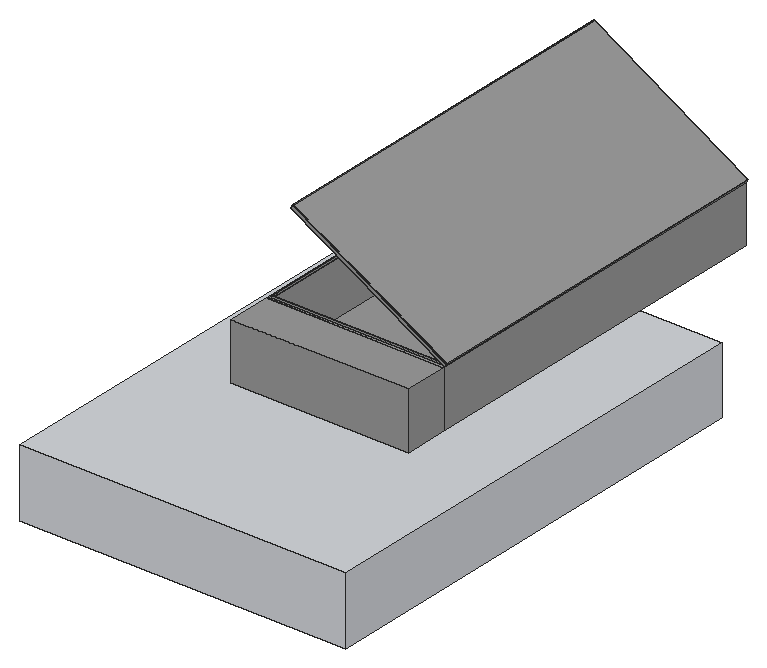
Revit family "Hager-Univers-IP55-D275-H1900-Cl.I-Steel_encl-PL-en", category Equipement électrique, Revit 2020
Family settings
  Hôte = Face
  Configuration du panneau = Deux colonnes, circuits au sein
  Cote de connecteur circulaire = Utiliser le diamètre
  Type d'élément = Tableau de raccordement
  Couper avec des vides une fois chargée = Non
  Partagée = Non
  Point de calcul de pièce = Non
Parameters (values of type "Floor installation IP55 W800 H1900 D275  - FR13E2")
  Width Control [instance] = if([EF000008 - Width] > Min Width, [EF000008 - Width], Min Width)  # 800 mm
  Commentaires du type = [HG000003 - Range]  # "Univers"
  Thickness Door [instance] = if([EF009171 - Material plate thickness door/cover] > 3 mm, 3 mm, [EF009171 - Material plate thickness door/cover])  # 1.5 mm
  Seal Frame Offset [instance] = 17 mm  # constant formula
  Plinth Visibility [instance] = [HG000027 - Plinth height] > 0 mm  # yes
  Model = ""
  Min Width [instance] = 100 mm  # constant formula
  Min Height [instance] = 100 mm  # constant formula
  Min Depth [instance] = (2 * [EF009170 - Material plate thickness cabinet]) + 1 mm  # 4 mm
  Internal Frame Depth [instance] = (Door System Depth * 0.5)  # 9 mm
  Height Control [instance] = if([EF000040 - Height] > Min Height, [EF000040 - Height], Min Height)  # 1900 mm
  HG000027 - Plinth height = 200 mm
  HG000026 - Floor standing = yes
  HG000024 - Bottom section height = 800 mm
  HG000023 - Double section enclosure = no
  HG000016 - Door 3d visibility [instance] = yes
  HG000015 - Clearance visibility [instance] = no
  HG000014 - Door on the right [instance] = yes
  HG000013 - Door on the left [instance] = not([HG000014 - Door on the right])  # no
  HG000012 - Door swing angle [instance] = 30.00°
  HG000010 - Asymmetric doors = no
  HG000009 - Double swing door = no
  HG000006 - Flush mounted = no
  HG000004 - Manufacturer reference = "FR13E2"
  HG000003 - Range = "Univers"
  HG000002 - With door or cover = yes
  Frame Offset Bottom [instance] = 10 mm  # constant formula
  Frame Offset [instance] = 15 mm  # constant formula
  EF015940 - Cover with overpressure release = no
  EF011959 - Degree of protection (NEMA) = ""
  EF009554 - Number of openings for flange plates = 6
  EF009212 - Cover model = "EV000116 - Closed"
  EF009171 - Material plate thickness door/cover = 1.5 mm
  EF009170 - Material plate thickness cabinet = 1.5 mm
  Fabricant = "Hager"  # constant formula
  EF008873 - Nominal current (In) = 800 A
  EF007800 - Suitable for lightning protection = no
  EF006306 - With lock = no
  EF006244 - Transparent cover/door = no
  EF005474 - Degree of protection (IP) = "EV006420 - IP55"
  EF004464 - Type of door = "EV002646 - Single"
  EF004427 - Number of modules = 396
  EF004293 - Impact strength = "EV008784 - IK10"
  EF003532 - Suitable for outdoor use = no
  EF002950 - Width in number of modular spacings = 24
  EF001613 - Circuit integrity = "EV000494 - None"
  EF001596 - Material housing = "EV000179 - Steel"
  EF001131 - Internal depth = 275 mm
  EF001088 - Extension possible = yes
  EF000437 - Number of conduit inlets = 6
  EF000339 - Type of cover = "EV004216 - Door"
  EF000266 - Number of rows = 11
  EF000218 - Built-in depth = 0 mm
  EF000118 - With mounting plate = no
  EF000116 - RAL-number = "7035"
  EF000049 - Depth = 275 mm
  EF000040 - Height = 1900 mm
  EF000008 - Width = 800 mm
  EF000007 - Colour = "EV000270 - Grey"
  EF000003 - Mounting method = "EV012274 - Floor installation"
  Door System Leaf Tolerance [instance] = 1.5 mm  # constant formula
  Door System Depth [instance] = 18 mm  # constant formula
  Door Height [instance] = Height Control - [HG000027 - Plinth height]  # 1700 mm
  Depth Control [instance] = if([EF000049 - Depth] > Min Depth, [EF000049 - Depth], Min Depth)  # 275 mm
  Default Elevation = 0 mm
  Connector Offset [instance] = Height Control / 2  # 950 mm
  Bottom Top Plate Trim [instance] = 1.5 mm  # constant formula
  Plinth height Ctrl [instance] = if([HG000027 - Plinth height] > 0 mm, [HG000027 - Plinth height], 12 mm)  # 200 mm
Types (5, lengths in mm): name | Width Control | HG000010 - Asymmetric doors | HG000009 - Double swing door | HG000004 - Manufacturer reference | EF009554 - Number of openings for flange plates | EF004464 - Type of door | EF004427 - Number of modules | EF000437 - Number of conduit inlets | EF000008 - Width
  Floor installation IP55 W1050 H1900 D275  - FR14E2 | 1050 | yes | yes | "FR14E2" | 8 | "EV003602 - Double" | 528 | 8 | 1050
  Floor installation IP55 W1300 H1900 D275  - FR15E2 | 1300 | yes | yes | "FR15E2" | 10 | "EV003602 - Double" | 660 | 10 | 1300
  Floor installation IP55 W300 H1900 D275  - FR11E2 | 300 | no | no | "FR11E2" | 2 | "EV002646 - Single" | 132 | 2 | 300
  Floor installation IP55 W550 H1900 D275  - FR12E2 | 550 | no | no | "FR12E2" | 4 | "EV002646 - Single" | 264 | 4 | 550
  Floor installation IP55 W800 H1900 D275  - FR13E2 | 800 | no | no | "FR13E2" | 6 | "EV002646 - Single" | 396 | 6 | 800
Reference planes
  plane 1 "Center (Front/Back)": y = 0
  plane 2: z = 0
  plane 3 "Center (Left/Right)": x = 0
  plane 4: z = 275
  plane 5: y = 201.5
  plane 6: y = 1050
  plane 7: y = 200
  plane 8: y = 1900
  plane 9: z = 0
  plane 10: x = -385
  plane 11: x = 385
  plane 12: x = 383.5
  plane 13: x = -383.5
  plane 14: y = 1898.5
  plane 15: x = -383
  plane 16: x = -400
  plane 17: x = 383
  plane 18: x = 400
  plane 19: x = 398.5
  plane 20: x = -398.5
  plane 21: y = 211.5
  plane 22: y = 1900
  plane 23: y = 1883.5
  plane 24: z = 257
  plane 25: z = 1.5
  plane 26: z = 255.5
  plane 27: z = 273.5
Forms (mm)
  Extrusion 1, solid
    sketch origin (0, 0, 0) x (1, 0, 0) y (0, 1, 0)
      loop
        line (-702.964, 1305) -> (-702.964, -811.445) -> (766.763, -811.445) -> (766.763, 1305) -> (-702.964, 1305)
    from 0 to -304.8
  Extrusion 2, solid, material "Hager_Steel_RAL7035_Light_Grey", visible <- "Plinth Visibility", detail levels medium+fine
    sketch origin (0, 0, 0) x (1, 0, 0) y (0, 1, 0)
      loop
        line (-400, 0) -> (400, 0) -> (400, 200) -> (-400, 200) -> (-400, 0)
    from 0 to 257
  Extrusion 3, solid, material "Hager_Steel_RAL7035_Light_Grey", detail levels medium+fine
    sketch origin (0, 0, 0) x (1, 0, 0) y (0, 1, 0)
      loop
        line (-400, 200) -> (400, 200) -> (400, 1900) -> (-400, 1900) -> (-400, 200)
    from 0 to 257
  Extrusion 4, void
    sketch origin (0, 0, 0) x (1, 0, 0) y (0, 1, 0)
      loop
        line (-398.5, 201.5) -> (398.5, 201.5) -> (398.5, 1898.5) -> (-398.5, 1898.5) -> (-398.5, 201.5)
    from 1.5 to 255.5
  Extrusion 5, void
    sketch origin (-381.607, -4572, 257) x (0, -1, 0) y (-1, 0, 0)
      loop
        line (-4783.5, 1.893) -> (-6455.5, 1.893) -> (-6455.5, -765.107) -> (-4783.5, -765.107) -> (-4783.5, 1.893)
    from 0 to 1.5 <- "EF009170 - Material plate thickness cabinet"
  Extrusion 6, solid, material "Hager_Steel_RAL7035_Light_Grey", detail levels fine
    sketch origin (0, 0, 257) x (1, 0, 0) y (0, 1, 0)
      loop
        line (-383.5, 1883.5) -> (-383.5, 211.5) -> (383.5, 211.5) -> (383.5, 1883.5) -> (-383.5, 1883.5)
      loop
        line (-385, 210) -> (385, 210) -> (385, 1885) -> (-385, 1885) -> (-385, 210)
    from 0 to 9 <- "Internal Frame Depth"
  Extrusion 7, solid, material "Hager_Steel_RAL7035_Light_Grey", detail levels coarse
    sketch origin (0, 0, 0) x (1, 0, 0) y (0, 1, 0)
      loop
        line (-400, 0) -> (400, 0) -> (400, 1900) -> (-400, 1900) -> (-400, 0)
    from 0 to 275
  Sweep 8, void
    path in 3D
      loop
        line (-400, 200, 0) -> (400, 200, 0) -> (400, 200, 257) -> (-400, 200, 257) -> (-400, 200, 0)
    profile origin (-400, 200, 128.5) x (-1, 0, 0) y (0, -1, 0)
      loop
        line (0, 0) -> (0, 1.5) -> (-1.5, 1.5)
        arc (-1.5, 1.5) -> (-1.061, 0.439) -> (0, 0) r 1.5
Cuts and joins
  Extrusion 4, Extrusion 5 cuts Extrusion 3
  Sweep 8 cuts Extrusion 2
Lines and regions (mm)
  Masking region 1
    outline origin (0, 0, 0) x (1, 0, 0) y (0, 0, 1)
      loop
        line (-400, 275) -> (-400, 0) -> (400, 0) -> (400, 275) -> (-400, 275)
  Masking region 2, detail levels medium+fine
    outline origin (0, 140, 0) x (0, 1, 0) y (0, 0, 1)
      loop
        line (60, 0) -> (1760, 0) -> (1760, 257) -> (60, 257) -> (60, 0)
  Masking region 3, not visible, detail levels medium+fine
    outline origin (0, 297.922, 0) x (0, 1, 0) y (0, 0, 1)
      loop
        line (763.578, 0) -> (803.578, 0) -> (803.578, 263.5)
        arc (803.578, 263.5) -> (800.649, 270.571) -> (793.578, 273.5) r 10
        line (793.578, 273.5) -> (763.578, 273.5) -> (763.578, 0)
  Masking region 4, detail levels coarse
    outline origin (0, 0, 180) x (0, 1, 0) y (0, 0, 1)
      loop
        line (0, -180) -> (1900, -180) -> (1900, 95) -> (0, 95) -> (0, -180)
  Masking region 5, visible <- "Plinth Visibility", detail levels medium+fine
    outline origin (0, 52.24, 12.345) x (0, 0, -1) y (0, 1, 0)
      loop
        line (10.845, 147.76) -> (-243.155, 147.76)
        arc (-243.155, 147.76) -> (-243.594, 146.699) -> (-244.655, 146.26) r 1.5
        line (-244.655, 146.26) -> (-244.655, -52.24) -> (12.345, -52.24) -> (12.345, 146.26)
        arc (12.345, 146.26) -> (11.285, 146.699) -> (10.845, 147.76) r 1.5
  Masking region 6, detail levels medium+fine
    outline origin (-381.607, -4572, 257) x (-1, 0, 0) y (0, -1, 0)
      loop
        line (18.393, -6472) -> (18.393, -4772) -> (-781.607, -4772) -> (-781.607, -6472) -> (18.393, -6472)
  Masking region 7, visible <- "Plinth Visibility", detail levels medium+fine
    outline origin (-381.607, -4727, 257) x (-1, 0, 0) y (0, -1, 0)
      loop
        arc (16.893, -4927) -> (17.332, -4925.939) -> (18.393, -4925.5) r 1.5
        line (18.393, -4925.5) -> (18.393, -4727) -> (-781.607, -4727) -> (-781.607, -4925.5)
        arc (-781.607, -4925.5) -> (-780.546, -4925.939) -> (-780.107, -4927) r 1.5
        line (-780.107, -4927) -> (16.893, -4927)
  Masking region 8, detail levels coarse
    outline origin (-442.548, -4669.526, 257) x (-1, 0, 0) y (0, -1, 0)
      loop
        line (-42.548, -6569.526) -> (-42.548, -4669.526) -> (-842.548, -4669.526) -> (-842.548, -6569.526) -> (-42.548, -6569.526)
  sketch lines
    curve 1: line (-400, 200, 257) -> (-400, 200, 0)
    curve 2: line (400, 200, 257) -> (-400, 200, 257)
    curve 3: line (400, 200, 257) -> (400, 200, 0)
    curve 4: line (-400, 200, 0) -> (400, 200, 0)
Dimensions and locks
  "Depth Control": plane 4 to Extrusion 1
  "HG000027 - Plinth height": plane 1 "Center (Front/Back)" to plane 7
  "EF009170 - Material plate thickness cabinet": plane 5 to plane 7
  locked: connector elem to plane 3 "Center (Left/Right)"
  equal spacing: plane 8, plane 6, plane 7
  locked: connector elem to plane 6
  "EF009170 - Material plate thickness cabinet": plane 8 to plane 14
  "EF009170 - Material plate thickness cabinet": plane 10 to plane 13
  "EF009170 - Material plate thickness cabinet": plane 12 to plane 11
  "Frame Offset": plane 20 to plane 13
  "Frame Offset": plane 12 to plane 19
  "EF009170 - Material plate thickness cabinet": plane 16 to plane 20
  "EF009170 - Material plate thickness cabinet": plane 19 to plane 18
  "Seal Frame Offset": plane 16 to plane 15
  "Seal Frame Offset": plane 17 to plane 18
  "Frame Offset Bottom": plane 21 to plane 5
  "Frame Offset": plane 14 to plane 23
  equal spacing: plane 16, plane 3 "Center (Left/Right)", plane 18
  "Width Control": plane 16 to plane 18
  "EF009170 - Material plate thickness cabinet": plane 4 to plane 27
  "EF009170 - Material plate thickness cabinet": plane 24 to plane 26
  "EF009170 - Material plate thickness cabinet": plane 25 to level
  "Door System Depth": plane 4 to plane 24
  "Height Control": plane 1 "Center (Front/Back)" to Extrusion 7 sketch curve
  "Height Control": Masking region 4 sketch curve to plane 1 "Center (Front/Back)"
  "Height Control": plane 1 "Center (Front/Back)" to plane 22
  "Bottom Top Plate Trim": profile plane to Sweep 8 sketch curve
  "Bottom Top Plate Trim": Sweep 8 sketch curve to profile plane
  "Plinth height Ctrl": plane 1 "Center (Front/Back)" to Extrusion 2 sketch curve
  "Plinth height Ctrl": Masking region 5 sketch curve to plane 1 "Center (Front/Back)"
  "Plinth height Ctrl": plane 1 "Center (Front/Back)" to Masking region 7 sketch curve
  "Thickness Door": Extrusion 6 sketch curve to Extrusion 6 sketch curve  (x3)
  "Thickness Door": cut or joined group of Extrusion 3, Extrusion 4, Extrusion 5 to Extrusion 6 sketch curve
  radius of Masking region 3 sketch curve = 10 mm
  "Bottom Top Plate Trim": radius of Masking region 5 sketch curve  (x2)
  "Bottom Top Plate Trim": radius of Sweep 8 sketch curve
  "Bottom Top Plate Trim": radius of Masking region 7 sketch curve  (x2)
  aligned and locked: plane 2 to Extrusion 1
  aligned and locked: level to Extrusion 1
  aligned and locked: level to Masking region 1 sketch curve
  aligned and locked: Masking region 1 sketch curve to plane 18
  aligned and locked: Masking region 1 sketch curve to plane 16
  aligned and locked: plane 7 to Masking region 2 sketch curve
  aligned and locked: level to Masking region 3 sketch curve
  aligned and locked: Masking region 3 sketch curve to plane 27
  aligned and locked: level to Masking region 2 sketch curve
  aligned and locked: plane 1 "Center (Front/Back)" to Extrusion 2 sketch curve
  aligned and locked: Extrusion 3 sketch curve to plane 7
  aligned and locked: plane 16 to Extrusion 3 sketch curve
  aligned and locked: plane 18 to Extrusion 3 sketch curve
  aligned and locked: plane 20 to Extrusion 4 sketch curve
  aligned and locked: plane 19 to Extrusion 4 sketch curve
  aligned and locked: Extrusion 4 sketch curve to plane 5
  aligned and locked: Extrusion 4 to plane 25
  aligned and locked: plane 26 to Extrusion 4
  aligned and locked: plane 24 to Extrusion 3
  aligned and locked: Extrusion 5 sketch curve to plane 21
  aligned and locked: Extrusion 5 sketch curve to plane 13
  aligned and locked: Extrusion 5 sketch curve to plane 12
  aligned and locked: plane 18 to Extrusion 7 sketch curve
  aligned and locked: plane 1 "Center (Front/Back)" to Extrusion 7 sketch curve
  aligned and locked: plane 16 to Extrusion 7 sketch curve
  aligned and locked: plane 4 to Extrusion 7
  aligned and locked: Extrusion 7 to level
  aligned and locked: level to Masking region 4 sketch curve
  aligned and locked: Masking region 4 sketch curve to plane 1 "Center (Front/Back)"
  aligned and locked: Masking region 4 sketch curve to plane 4
  aligned and locked: nested 1 to level
  aligned and locked: nested 1 to plane 16
  aligned and locked: plane 8 to Extrusion 3 sketch curve
  aligned and locked: plane 23 to Extrusion 5 sketch curve
  aligned and locked: plane 14 to Extrusion 4 sketch curve
  aligned and locked: Masking region 2 sketch curve to plane 8
  aligned and locked: level to Masking region 5 sketch curve
  aligned and locked: plane 16 to Extrusion 2 sketch curve
  aligned and locked: plane 18 to Extrusion 2 sketch curve
  aligned and locked: Masking region 5 sketch curve to plane 24
  aligned and locked: Masking region 2 sketch curve to plane 24
  aligned and locked: plane 24 to Extrusion 2
  aligned and locked: profile plane to Sweep 8 sketch curve  (x2)
  aligned and locked: Masking region 6 sketch curve to plane 18
  aligned and locked: Masking region 6 sketch curve to plane 22
  aligned and locked: Masking region 6 sketch curve to plane 16
  aligned and locked: plane 8 to plane 22
  aligned and locked: Masking region 6 sketch curve to plane 7
  aligned and locked: Masking region 7 sketch curve to plane 16
  aligned and locked: Masking region 7 sketch curve to plane 1 "Center (Front/Back)"
  aligned and locked: Masking region 7 sketch curve to plane 18
  aligned and locked: Masking region 8 sketch curve to plane 1 "Center (Front/Back)"
  aligned and locked: Masking region 8 sketch curve to plane 18
  aligned and locked: Masking region 8 sketch curve to plane 22
  aligned and locked: Masking region 8 sketch curve to plane 16
  aligned and locked: nested 2 to plane 7
  aligned and locked: plane 3 "Center (Left/Right)" to nested 2
  aligned and locked: nested 2 to plane 24
  aligned and locked: Extrusion 6 sketch curve to cut or joined group of Extrusion 3, Extrusion 4, Extrusion 5  (x4)
Automatic sketch dimensions
  Extrusion 1 sketch curve to Extrusion 1 sketch curve = 1469.727 mm
  Extrusion 1 sketch curve to Extrusion 1 sketch curve = 2116.445 mm
  Masking region 1 sketch curve to plane 4 = 0 mm
  plane 6 to Masking region 3 sketch curve = 11.5 mm
  Masking region 3 sketch curve to Masking region 3 sketch curve = 30 mm
  Masking region 5 sketch curve to plane 1 "Center (Front/Back)" = 0 mm
Nested families
  nested 1: "Hager_Enclosure_Symbol" at (-400, 0, 0) x (1, 0, 0) z (0, -1, 0), Height <- "Depth Control", Width <- "Width Control", type "Hager_Enclosure_Symbol"
    with Width_Ctrl 800 mm, Width 800 mm, Height_Ctrl 275 mm, Height 275 mm, A_Width_Int 18.047 mm, A_Width 216.562 mm, A_Height_Ctrl 240.625 mm, A_Height 240.625 mm
  nested 2: "EC000058_Univers_Door" at (0, 200, 257) x (1, 0, 0) z (0, 1, 0), Leaf_Tolerance <- "Door System Leaf Tolerance", Angle <- "HG000012 - Door swing angle", Door_Depth <- "Door System Depth", Door_Left <- "HG000013 - Door on the left", Transparent <- "EF006244 - Transparent cover/door", Assymetrical <- "HG000010 - Asymmetric doors", Width <- "Width Control", Clearance <- "HG000015 - Clearance visibility", Double <- "HG000009 - Double swing door", 3d_Door <- "HG000016 - Door 3d visibility", Lock_Visibility <- "EF006306 - With lock", Width_Ctrl <- "Width Control", Door_Right <- "HG000014 - Door on the right", Door <- "HG000002 - With door or cover", Height <- "Door Height", Thickness <- "Thickness Door", type "EC000058_Univers_Door", detail levels medium+fine
    with min_wh 4 mm, Width_Ctrl 800 mm, Width 800 mm, Transparent no, Thickness 1.5 mm, Seal_Material Hager_Rubber, Lock_Visibility no, Lock_Material Hager_Plastic_RAL9005_Jet_Black, Leaf_Width 800 mm, Leaf_Tolerance_External_Sides 0 mm, Leaf_Tolerance 1.5 mm, Leaf_Offset 0 mm, Leaf_Height 1697 mm, Leaf_2_Width 800 mm, Leaf_2_Offset 400 mm, Leaf_1_Width 800 mm, Leaf_1_Offset 400 mm, Height_Ctrl 1700 mm, Height 1700 mm, Glass_Material Hager_Glass, Double_Clearance_Ctrl no, Double no, Door_Right_Ctrl yes, Door_Right yes, Door_Material Hager_Steel_RAL7035_Light_Grey, Door_Left_Ctrl no, Door_Left no, Door_Depth 18 mm, Door yes, Clearance_Material Hager_Clearance, Clearance_Depth 800 mm, Clearance_Ctrl no, Clearance no, Assymetrical no, Angle 30.00°, 3d_Door yes
Connectors
  electrical at (0, 1050, 0)
    settings: on plane 9, index 1, voltage 0 V, apparent load 0 VA, apparent load phase1 0 VA, apparent load phase2 0 VA, apparent load phase3 0 VA, power factor 1, load classification "Other", number of poles 1, system type 30, power factor state 1, is connector primary yes, connector utility no, sub classification motor no, connector description ""
Definition of nested family "EC000058_Univers_Door"
  Parameters (values of type "EC000058_Univers_Door")
    min_wh [instance] = (2 * Thickness) + 1 mm  # 11 mm
    Width_Ctrl [instance] = 400 mm
    Width [instance] = 500 mm
    Transparent [instance] = yes
    Thickness [instance] = 5 mm
    Seal_Material [instance] = none
    Lock_Visibility [instance] = yes
    Lock_Material [instance] = none
    Leaf_Width [instance] = if((Width_Ctrl - 2 * Leaf_Tolerance_External_Sides) > 0 mm, (Width_Ctrl - 2 * Leaf_Tolerance_External_Sides), min_wh)  # 400 mm
    Leaf_Tolerance_External_Sides [instance] = 0 mm  # constant formula
    Leaf_Tolerance [instance] = 1.5 mm
    Leaf_Offset [instance] = 0 mm  # constant formula
    Leaf_Height [instance] = if((Height_Ctrl - 2 * Leaf_Tolerance) > 0 mm, (Height_Ctrl - 2 * Leaf_Tolerance), min_wh)  # 497 mm
    Leaf_2_Width [instance] = if(and(and(Double, Assymetrical), Door_Left), (Leaf_Width / 3) - (Leaf_Tolerance / 2), if(and(and(Double, Assymetrical), Door_Right), (Leaf_Width / 3) * 2 - (Leaf_Tolerance / 2), if(and(Double, not(Assymetrical)), (Leaf_Width / 2) - Leaf_Tolerance, Leaf_Width)))  # 400 mm
    Leaf_2_Offset [instance] = if(and(Double, Assymetrical), Leaf_2_Width / 2, if(and(Double, not(Assymetrical)), Leaf_Width / 4, Leaf_Width / 2))  # 200 mm
    Leaf_1_Width [instance] = if(and(and(Double, Assymetrical), Door_Right), (Leaf_Width / 3) - (Leaf_Tolerance / 2), if(and(and(Double, Assymetrical), Door_Left), (Width / 3) * 2 - (Leaf_Tolerance / 2), if(and(Double, not(Assymetrical)), (Leaf_Width / 2) - Leaf_Tolerance, Leaf_Width)))  # 400 mm
    Leaf_1_Offset [instance] = if(and(Double, Assymetrical), Leaf_1_Width / 2, if(and(Double, not(Assymetrical)), Leaf_Width / 4, Leaf_Width / 2))  # 200 mm
    Height_Ctrl [instance] = if(Height > min_wh, Height, min_wh)  # 500 mm
    Height [instance] = 500 mm
    Glass_Material [instance] = none
    Double_Clearance_Ctrl [instance] = and(Double, Clearance)  # no
    Double [instance] = no
    Door_Right_Ctrl [instance] = and(or(Door_Right, Double), Door)  # yes
    Door_Right [instance] = yes
    Door_Material [instance] = none
    Door_Left_Ctrl [instance] = and(or(Door_Left, Double), Door)  # no
    Door_Left [instance] = no
    Door_Depth [instance] = 30 mm
    Door [instance] = yes
    Default Elevation = 1219.2 mm
    Clearance_Material [instance] = none
    Clearance_Depth [instance] = if(Leaf_1_Width > Leaf_2_Width, Leaf_1_Width, Leaf_2_Width)  # 400 mm
    Clearance_Ctrl [instance] = and(not(Double), Clearance)  # yes
    Clearance [instance] = yes
    Assymetrical [instance] = yes
    Angle [instance] = 30.00°
    3d_Door [instance] = yes
  Reference planes
    plane 1 "Center (Front/Back)": y = 0
    plane 2 "Bottom": z = 0
    plane 3 "Center (Left/Right)": x = 0
    plane 4: z = 500
    plane 5: x = -200
    plane 6: x = 200
    plane 7: z = 500
    plane 8: x = -200
    plane 9: z = 0
    plane 10: x = 200
    plane 11: y = 0
    plane 12: z = 1.5
    plane 13: x = -600
    plane 14: y = -400
    plane 15: x = 600
    plane 16: x = 0
    plane 17: x = 0
    plane 18: x = -200
    plane 19: x = 200
    plane 20: z = 498.5
  Forms (mm)
    Extrusion 1, solid, material <- "Clearance_Material", visible <- "Double_Clearance_Ctrl"
      sketch origin (1200, 0, 0) x (1, 0, 0) y (0, 0, -1)
        loop
          line (-1800, -498.5) -> (-600, -498.5) -> (-600, 0) -> (-1800, 0) -> (-1800, -498.5)
      from 0 to -400
  Dimensions and locks
    equal spacing: plane 5, plane 3 "Center (Left/Right)", plane 6
    "Width_Ctrl": plane 5 to plane 6
    "Leaf_Offset": plane 5 to plane 8
    "Leaf_Offset": plane 6 to plane 10
    "Leaf_Offset": plane 9 to level
    "Leaf_Offset": plane 4 to plane 7
    "Height_Ctrl": plane 4 to level
    "Leaf_Tolerance": plane 12 to plane 9
    locked: plane 11 to plane 1 "Center (Front/Back)"
    "Leaf_1_Offset": plane 18 to plane 16
    "Leaf_2_Offset": plane 17 to plane 19
    "Leaf_1_Width": plane 13 to plane 8
    "Leaf_2_Width": plane 10 to plane 15
    "Clearance_Depth": plane 14 to plane 1 "Center (Front/Back)"
    "Leaf_Tolerance_External_Sides": plane 8 to plane 18
    "Leaf_Tolerance_External_Sides": plane 19 to plane 10
    "Leaf_Tolerance": plane 7 to plane 20
    aligned and locked: level to plane 2 "Bottom"
    aligned and locked: nested 1 to plane 16
    aligned and locked: nested 2 to plane 17
    aligned and locked: Extrusion 1 to plane 13
    aligned and locked: plane 15 to Extrusion 1
    aligned and locked: Extrusion 1 to plane 14
    aligned and locked: plane 12 to nested 1
    aligned and locked: nested 2 to plane 12
    aligned and locked: Extrusion 1 to plane 11
    aligned and locked: plane 20 to Extrusion 1
    aligned and locked: nested 2 to plane 11
    aligned and locked: nested 1 to plane 11
  Automatic sketch dimensions
    Extrusion 1 sketch curve to level = 0 mm
    plane 5 to Extrusion 1 sketch curve = 400 mm
    plane 6 to Extrusion 1 sketch curve = 400 mm
    Extrusion 1 sketch curve to plane 4 = 1.5 mm
  Nested families
    nested 1: "EC000058_Univers_Door_Leaf" at (0, 0, 1.5), Width <- "Leaf_1_Width", visible <- "Door_Left_Ctrl", Leaf_Height <- "Leaf_Height", Angle <- "Angle", 3d_Door <- "3d_Door", Transparent <- "Transparent", Clearance Material <- "Clearance_Material", Clearance <- "Clearance_Ctrl", Door_Material <- "Door_Material", Glass_Material <- "Glass_Material", Door_Depth <- "Door_Depth", Lock_Material <- "Lock_Material", Seal_Material <- "Seal_Material", Lock_Visibility <- "Lock_Visibility", Thickness <- "Thickness", type "EC000058_Univers_Door_Leaf"
      with Width 400 mm, Transparent_Glass_Offset 30 mm, Transparent_Ctrl yes, Transparent yes, Thickness 5 mm, Standard no, Seal_Material none, Seal_D2 8 mm, Seal_D1 1 mm, Offset_Internal_Frame 10 mm, Lock_Width 20 mm, Lock_Visibility_3d yes, Lock_Visibility yes, Lock_Thickness_3 3 mm, Lock_Thickness_2 1 mm, Lock_Thickness_1 3 mm, Lock_Radius_Offset_2 16 mm, Lock_Radius_Offset_1 15 mm, Lock_Radius_2 5 mm, Lock_Radius 6 mm, Lock_Offset 5 mm, Lock_Material none, Lock_Height 80 mm, Lock_Cover_Top_Offset_2d 17 mm, Lock_Cover_Height -65 mm, Leaf_Height 497 mm, Internal_Seal_Thickness 8 mm, Internal_Seal_Depth_2 4.5 mm, Internal_Frame_Depth 25 mm, Glass_Thickness -1 mm, Glass_Offset -2 mm, Glass_Material none, Door_Material none, Door_Depth 30 mm, Clearance Material none, Clearance yes, Angle_Ctrl 30.00°, Angle 30.00°, 3d_Door yes
    nested 2: "EC000058_Univers_Door_Leaf" at (0, 0, 1.5) x (-1, 0, 0) z (0, 0, 1), Width <- "Leaf_2_Width", visible <- "Door_Right_Ctrl", Leaf_Height <- "Leaf_Height", Angle <- "Angle", 3d_Door <- "3d_Door", Transparent <- "Transparent", Clearance Material <- "Clearance_Material", Clearance <- "Clearance_Ctrl", Door_Material <- "Door_Material", Glass_Material <- "Glass_Material", Door_Depth <- "Door_Depth", Lock_Material <- "Lock_Material", Seal_Material <- "Seal_Material", Lock_Visibility <- "Lock_Visibility", Thickness <- "Thickness", type "EC000058_Univers_Door_Leaf"
      with Width 400 mm, Transparent_Glass_Offset 30 mm, Transparent_Ctrl yes, Transparent yes, Thickness 5 mm, Standard no, Seal_Material none, Seal_D2 8 mm, Seal_D1 1 mm, Offset_Internal_Frame 10 mm, Lock_Width 20 mm, Lock_Visibility_3d yes, Lock_Visibility yes, Lock_Thickness_3 3 mm, Lock_Thickness_2 1 mm, Lock_Thickness_1 3 mm, Lock_Radius_Offset_2 16 mm, Lock_Radius_Offset_1 15 mm, Lock_Radius_2 5 mm, Lock_Radius 6 mm, Lock_Offset 5 mm, Lock_Material none, Lock_Height 80 mm, Lock_Cover_Top_Offset_2d 17 mm, Lock_Cover_Height -65 mm, Leaf_Height 497 mm, Internal_Seal_Thickness 8 mm, Internal_Seal_Depth_2 4.5 mm, Internal_Frame_Depth 25 mm, Glass_Thickness -1 mm, Glass_Offset -2 mm, Glass_Material none, Door_Material none, Door_Depth 30 mm, Clearance Material none, Clearance yes, Angle_Ctrl 30.00°, Angle 30.00°, 3d_Door yes
  Definition of nested family "EC000058_Univers_Door_Leaf"
    Parameters (values of type "EC000058_Univers_Door_Leaf")
      Width [instance] = 2000 mm
      Transparent_Glass_Offset [instance] = 30 mm
      Transparent_Ctrl [instance] = and(Transparent, [3d_Door])  # yes
      Transparent [instance] = yes
      Thickness [instance] = 5 mm
      Standard [instance] = and(not(Transparent), [3d_Door])  # no
      Seal_Material [instance] = none
      Seal_D2 [instance] = 8 mm  # constant formula
      Seal_D1 [instance] = 1 mm  # constant formula
      Offset_Internal_Frame [instance] = 10 mm  # constant formula
      Lock_Width [instance] = 20 mm  # constant formula
      Lock_Visibility_3d [instance] = and(Lock_Visibility, [3d_Door])  # yes
      Lock_Visibility [instance] = yes
      Lock_Thickness_3 [instance] = 3 mm  # constant formula
      Lock_Thickness_2 [instance] = 1 mm  # constant formula
      Lock_Thickness_1 [instance] = 3 mm  # constant formula
      Lock_Radius_Offset_2 [instance] = Lock_Radius_Offset_1 + 1 mm  # 16 mm
      Lock_Radius_Offset_1 [instance] = 15 mm  # constant formula
      Lock_Radius_2 [instance] = Lock_Radius - 1 mm  # 5 mm
      Lock_Radius [instance] = 6 mm  # constant formula
      Lock_Offset [instance] = 5 mm  # constant formula
      Lock_Material [instance] = none
      Lock_Height [instance] = 80 mm  # constant formula
      Lock_Cover_Top_Offset_2d [instance] = Lock_Radius_Offset_2 + 1 mm  # 17 mm
      Lock_Cover_Height [instance] = -(Lock_Height - Lock_Radius_Offset_1)  # -65 mm
      Leaf_Height [instance] = 2720.336 mm
      Internal_Seal_Thickness [instance] = 8 mm  # constant formula
      Internal_Seal_Depth_2 [instance] = 4.5 mm  # constant formula
      Internal_Frame_Depth [instance] = if(Door_Depth - Thickness > 5 mm, Door_Depth - Thickness, 5 mm)  # 25 mm
      Glass_Thickness [instance] = if(Thickness > 15 mm, Glass_Offset + 10 mm, -1 mm)  # -1 mm
      Glass_Offset [instance] = if(Thickness > 15 mm, -(Thickness + 10 mm) / 2, -2 mm)  # -2 mm
      Glass_Material [instance] = none
      Door_Material [instance] = none
      Door_Depth [instance] = 30 mm
      Default Elevation = 0 mm
      Clearance Material [instance] = none
      Clearance [instance] = yes
      Angle_Ctrl [instance] = if(Angle > 180.00°, 180.00°, Angle)  # 90.00°
      Angle [instance] = 90.00°
      3d_Door [instance] = yes
    Reference planes
      plane 1 "Center (Front/Back)": y = 0
      plane 2: z = 0
      plane 3 "Center (Left/Right)": x = 0
      plane 4: y = 2000
      plane 5: x = -1000
      plane 6: x = 1000
      plane 7: x = -3000
      plane 8: z = 2720.336
      plane 9: z = 30
      plane 10: z = 2690.336
      plane 11: x = 970
      plane 12: x = -970
      plane 13: y = -3
      plane 14: z = 107.833
      plane 15: y = -5
      plane 16: y = -223.314
      plane 17: x = -1000
      plane 18: z = 1360.168
      plane 19: y = 30
    Forms (mm)
      Extrusion 1, solid, material <- "Clearance Material", visible <- "Clearance"
        sketch origin (0, 0, 0) x (1, 0, 0) y (0, 0, 1)
          loop
            line (-3000, 2720.336) -> (-3000, 0) -> (1000, 0) -> (1000, 2720.336) -> (-3000, 2720.336)
        from 0 to -2000
      Extrusion 2, solid, material <- "Door_Material", visible <- "Standard", detail levels medium+fine
        sketch origin (-1000, 0, 0) x (0, 1, 0) y (-1, 0, 0)
          loop
            line (0, 30) -> (0, 25) -> (2000, 25) -> (2000, 30) -> (0, 30)
        from 0 to 2720.336 <- "Leaf_Height"
      Extrusion 3, solid, material <- "Door_Material", visible <- "Transparent_Ctrl", detail levels medium+fine
        sketch origin (-1000, 0, 0) x (0, 1, 0) y (-1, 0, 0)
          loop
            line (0, 25) -> (2000, 25) -> (2000, 30) -> (0, 30) -> (0, 25)
        from 0 to 2720.336 <- "Leaf_Height"
      Extrusion 4, void
        sketch origin (-1025, 2000, 0) x (0, 1, 0) y (0, 0, -1)
          loop
            line (-30, -2690.336) -> (-30, -30) -> (-1970, -30) -> (-1970, -2690.336) -> (-30, -2690.336)
        from 0 to 5 <- "Thickness"
      Sweep 5, solid, material <- "Seal_Material", visible <- "Transparent_Ctrl", detail levels fine
        path in 3D
          loop
            line (-1025, 30, 30) -> (-1025, 30, 2690.336) -> (-1025, 1970, 2690.336) -> (-1025, 1970, 30) -> (-1025, 30, 30)
        profile origin (-1025, 1000, 30) x (1, 0, 0) y (0, 0, 1)
          loop
            line (0, 0) -> (0, -8) -> (1, -8) -> (1, 0) -> (0, 0)
      Extrusion 6, solid, material <- "Glass_Material", visible <- "Transparent_Ctrl", detail levels medium+fine
        sketch origin (-1030, 0, 0) x (0, 1, 0) y (0, 0, -1)
          loop
            line (1970, -2690.336) -> (1970, -30) -> (30, -30) -> (30, -2690.336) -> (1970, -2690.336)
        from -2 <- "Glass_Offset" to -1 <- "Glass_Thickness"
      Extrusion 7, solid, material <- "Door_Material", visible <- "3d_Door", detail levels medium+fine
        sketch origin (-1025, 2000, 0) x (0, -1, 0) y (0, 0, -1)
          loop
            line (0, -2720.336) -> (2000, -2720.336) -> (2000, 0) -> (0, 0) -> (0, -2720.336)
          loop
            line (1995, -5) -> (5, -5) -> (5, -2715.336) -> (1995, -2715.336) -> (1995, -5)
        from 0 to 25 <- "Internal_Frame_Depth"
      Sweep 8, solid, material <- "Seal_Material", visible <- "Transparent_Ctrl", detail levels fine
        path in 3D
          loop
            line (-1025, 0, 0) -> (-1025, 2000, 0) -> (-1025, 2000, 2720.336) -> (-1025, 0, 2720.336) -> (-1025, 0, 0)
        profile origin (-1025, 0, 1360.168) x (1, 0, 0) y (0, 1, 0)
          loop
            line (0, 10) -> (2.975, 10)
            arc (2.975, 10) -> (4.053, 10.447) -> (4.5, 11.525) r 1.525
            line (4.5, 11.525) -> (4.5, 16.527)
            arc (4.5, 16.527) -> (4.069, 17.569) -> (3.027, 18) r 1.473
            line (3.027, 18) -> (0, 18) -> (0, 10)
      Extrusion 9, solid, material <- "Lock_Material", visible <- "Lock_Visibility_3d", detail levels fine
        sketch origin (-1030, 0, 0) x (0, 1, 0) y (0, 0, -1)
          loop
            arc (1993.5, -1400.168) -> (1994.561, -1399.729) -> (1995, -1398.668) r 1.5
            line (1995, -1398.668) -> (1995, -1320.168) -> (1975, -1320.168) -> (1975, -1398.668)
            arc (1975, -1398.668) -> (1975.439, -1399.729) -> (1976.5, -1400.168) r 1.5
            line (1976.5, -1400.168) -> (1993.5, -1400.168)
        from 3 <- "Lock_Thickness_1" to 0
      Blend 10, solid, material <- "Lock_Material", visible <- "Lock_Visibility_3d", detail levels fine
        base sketch origin (-1033, 0, 0) x (0, 1, 0) y (0, 0, -1)
          loop
            line (1975, -1320.168) -> (1975, -1398.668)
            arc (1975, -1398.668) -> (1975.439, -1399.729) -> (1976.5, -1400.168) r 1.5
            line (1976.5, -1400.168) -> (1993.5, -1400.168)
            arc (1993.5, -1400.168) -> (1994.561, -1399.729) -> (1995, -1398.668) r 1.5
            line (1995, -1398.668) -> (1995, -1320.168) -> (1975, -1320.168)
        top sketch origin (-1033, 0, 0) x (0, 1, 0) y (0, 0, -1)
          loop
            line (1976, -1320.168) -> (1976, -1398.668)
            arc (1976, -1398.668) -> (1976.146, -1399.022) -> (1976.5, -1399.168) r 0.5
            line (1976.5, -1399.168) -> (1993.5, -1399.168)
            arc (1993.5, -1399.168) -> (1993.854, -1399.022) -> (1994, -1398.668) r 0.5
            line (1994, -1398.668) -> (1994, -1320.168) -> (1976, -1320.168)
        from 0 to 1 <- "Lock_Thickness_2"
      Blend 11, solid, material <- "Lock_Material", visible <- "Lock_Visibility_3d", detail levels fine
        base sketch origin (-1034, 0, 0) x (0, 1, 0) y (0, 0, -1)
          loop
            line (1978, -1320.168) -> (1978, -1384.168)
            arc (1978, -1384.168) -> (1985, -1391.168) -> (1992, -1384.168) r 7
            line (1992, -1384.168) -> (1992, -1320.168) -> (1978, -1320.168)
        top sketch origin (-1034, 0, 0) x (0, 1, 0) y (0, 0, -1)
          loop
            line (1991, -1320.168) -> (1979, -1320.168) -> (1979, -1383.168)
            arc (1979, -1383.168) -> (1985, -1389.168) -> (1991, -1383.168) r 6
            line (1991, -1383.168) -> (1991, -1320.168)
        from 0 to 3 <- "Lock_Thickness_3"
      Extrusion 12, solid, material <- "Lock_Material", visible <- "Lock_Visibility_3d", detail levels fine
        sketch origin (-1030, 1975, 1320.168) x (1, 0, 0) y (0, -1, 0)
          loop
            line (-7, -19) -> (-7, -1) -> (0, -1) -> (0, 0) -> (-8, 0) -> (-8, -20) -> (0, -20) -> (0, -19) -> (-7, -19)
        from 0 to -65 <- "Lock_Cover_Height"
      Extrusion 13, void
        sketch origin (-1038, 1995, 1320.168) x (-1, 0, 0) y (0, 0, -1)
          loop
            line (-5, -65) -> (0, -65) -> (-5, -60) -> (-5, -65)
        from 0 to 20 <- "Lock_Width"
      Extrusion 14, void
        sketch origin (-1038, 1975, 1320.168) x (0, -1, 0) y (0, 0, -1)
          loop
            circle (-10, -15.995) r 6
          loop
            circle (-10, -15.995) r 5
        from 0 to 2
      Extrusion 15, solid, material <- "Lock_Material", visible <- "Lock_Visibility_3d", detail levels medium
        sketch origin (-1030, 0, 0) x (0, 1, 0) y (0, 0, -1)
          loop
            arc (1993.5, -1400.168) -> (1994.561, -1399.729) -> (1995, -1398.668) r 1.5
            line (1995, -1398.668) -> (1995, -1320.168) -> (1975, -1320.168) -> (1975, -1398.668)
            arc (1975, -1398.668) -> (1975.439, -1399.729) -> (1976.5, -1400.168) r 1.5
            line (1976.5, -1400.168) -> (1993.5, -1400.168)
        from 8 to 0
    Cuts and joins
      Extrusion 4 cuts Extrusion 3
      Extrusion 13, Extrusion 14 cuts Extrusion 9
      Extrusion 14 cuts Blend 11
      Extrusion 13, Extrusion 14 cuts Extrusion 12
      joined: Extrusion 9, Blend 10, Blend 11, Extrusion 12
      Extrusion 14 cuts Extrusion 15
    Lines and regions (mm)
      Masking region 1, visible <- "Lock_Visibility", detail levels fine
        outline origin (0, 0, 0) x (0, 1, 0) y (0, 0, 1)
          loop
            line (30, 1320.168) -> (33, 1320.168) -> (33, 1400.168) -> (30, 1400.168) -> (30, 1320.168)
      Masking region 2, visible <- "Lock_Visibility", detail levels fine
        outline origin (0, 3.143, 0) x (0, 1, 0) y (0, 0, 1)
          loop
            line (29.857, 1354.168) -> (30.857, 1354.168) -> (30.857, 1366.168) -> (29.857, 1366.168) -> (29.857, 1354.168)
      Masking region 3, detail levels medium+fine
        outline origin (0, 0, 0) x (0, 1, 0) y (0, 0, 1)
          loop
            line (0, 0) -> (30, 0) -> (30, 2720.336) -> (0, 2720.336) -> (0, 0)
      Masking region 4, detail levels medium+fine
        outline origin (0, 0, 0) x (1, 0, 0) y (0, 0, 1)
          loop
            line (-1000, 2720.336) -> (-1000, 0) -> (1000, 0) -> (1000, 2720.336) -> (-1000, 2720.336)
      Masking region 5, visible <- "Lock_Visibility", detail levels fine
        outline origin (-47.116, 0, 0) x (1, 0, 0) y (0, 0, 1)
          loop
            arc (1024.616, 1399.168) -> (1023.556, 1398.729) -> (1023.116, 1397.668) r 1.5
            line (1023.116, 1397.668) -> (1023.116, 1320.168) -> (1041.116, 1320.168) -> (1041.116, 1397.668)
            arc (1041.116, 1397.668) -> (1040.677, 1398.729) -> (1039.616, 1399.168) r 1.5
            line (1039.616, 1399.168) -> (1024.616, 1399.168)
      Masking region 6, visible <- "Lock_Visibility", detail levels medium+fine
        outline origin (-25, 0, 0) x (1, 0, 0) y (0, 0, 1)
          loop
            arc (1001.5, 1400.168) -> (1000.439, 1399.729) -> (1000, 1398.668) r 1.5
            line (1000, 1398.668) -> (1000, 1320.168) -> (1020, 1320.168) -> (1020, 1398.668)
            arc (1020, 1398.668) -> (1019.561, 1399.729) -> (1018.5, 1400.168) r 1.5
            line (1018.5, 1400.168) -> (1001.5, 1400.168)
      Masking region 7, visible <- "Lock_Visibility", detail levels fine
        outline origin (-73.735, 0, 0) x (1, 0, 0) y (0, 0, 1)
          loop
            line (1051.735, 1382.168) -> (1065.735, 1382.168) -> (1065.735, 1384.168)
            arc (1065.735, 1384.168) -> (1058.735, 1391.168) -> (1051.735, 1384.168) r 7
            line (1051.735, 1384.168) -> (1051.735, 1382.168)
      Masking region 8, visible <- "Lock_Visibility", detail levels fine
        outline origin (-73.735, 0, 0) x (1, 0, 0) y (0, 0, 1)
          loop
            line (1052.735, 1382.168) -> (1064.735, 1382.168) -> (1064.735, 1383.168)
            arc (1064.735, 1383.168) -> (1058.735, 1389.168) -> (1052.735, 1383.168) r 6
            line (1052.735, 1383.168) -> (1052.735, 1382.168)
      Masking region 9, visible <- "Lock_Visibility", detail levels fine
        outline origin (-25, 0, 0) x (1, 0, 0) y (0, 0, 1)
          loop
            line (1020, 1320.168) -> (1020, 1382.168) -> (1000, 1382.168) -> (1000, 1320.168) -> (1020, 1320.168)
      Masking region 10, detail levels medium+fine
        outline origin (0, 0, 0) x (1, 0, 0) y (0, 0, 1)
          loop
            circle (985, 1335.144) r 6
      Masking region 11, detail levels fine
        outline origin (0, 0, 0) x (1, 0, 0) y (0, 0, 1)
          loop
            circle (985, 1335.144) r 5
      Masking region 12, visible <- "Lock_Visibility", detail levels fine
        outline origin (0, 12.767, 0) x (0, 1, 0) y (0, 0, 1)
          loop
            line (20.233, 1320.168) -> (21.233, 1320.168) -> (21.233, 1399.168) -> (20.233, 1400.168) -> (20.233, 1320.168)
      Masking region 13, visible <- "Lock_Visibility", detail levels fine
        outline origin (0, 13.767, -10) x (0, 1, 0) y (0, 0, 1)
          loop
            line (20.233, 1330.168) -> (23.233, 1330.168) -> (23.233, 1399.168) -> (20.233, 1402.168) -> (20.233, 1330.168)
      Masking region 14, visible <- "Lock_Visibility", detail levels fine
        outline origin (0, 12.767, -10) x (0, 1, 0) y (0, 0, 1)
          loop
            line (20.233, 1330.168) -> (25.233, 1330.168) -> (25.233, 1399.305) -> (20.233, 1394.305) -> (20.233, 1330.168)
      Masking region 15, visible <- "Lock_Visibility", detail levels medium
        outline origin (0, 0, 0) x (0, 1, 0) y (0, 0, 1)
          loop
            line (30, 1320.168) -> (38, 1320.168) -> (38, 1400.168) -> (30, 1400.168) -> (30, 1320.168)
      Masking region 16, visible <- "Lock_Visibility", detail levels fine
        outline origin (-1000, 0, 0) x (0, 1, 0) y (-1, 0, 0)
          loop
            line (1975, 30) -> (1995, 30) -> (1995, 38) -> (1975, 38) -> (1975, 30)
          loop
            line (1979, 37) -> (1976, 37) -> (1976, 34) -> (1978, 34) -> (1979, 37)
          loop
            line (1994, 37) -> (1991, 37) -> (1992, 34) -> (1994, 34) -> (1994, 37)
      Masking region 17, visible <- "Lock_Visibility", detail levels medium
        outline origin (-1000, 0, 0) x (0, 1, 0) y (-1, 0, 0)
          loop
            line (1975, 30) -> (1995, 30) -> (1995, 38) -> (1975, 38) -> (1975, 30)
      symbolic lines
        curve 1: line (1000, 0, 0) -> (-3000, 0, 0)
        curve 2: arc (1000, 0, 0) -> (-1000, 2000, 0) -> (-3000, 0, 0) r 2000
        curve 4: line (-1030, 0, 0) -> (-1030, 2000, 0)
      reference lines
        curve 3: line (-1000, 0, 0) -> (-1000, 2000, 0)
      symbolic lines, detail levels medium+fine
        curve 5: line (-1030, 2000, 0) -> (-1025, 2000, 0)
        curve 7: line (-1025, 0, 0) -> (-1030, 0, 0)
        curve 8: line (-1025, 0, 0) -> (-1000, 0, 0)
        curve 9: line (-1000, 0, 0) -> (-1000, 2000, 0)
        curve 10: line (-1000, 2000, 0) -> (-1025, 2000, 0)
      symbolic lines, detail levels fine
        curve 6: line (-1025, 2000, 0) -> (-1025, 0, 0)
      sketch lines
        curve 11: line (-1025, 0, 2720.336) -> (-1025, 0, 0)
        curve 12: line (-1025, 2000, 0) -> (-1025, 0, 0)
        curve 13: line (-1025, 2000, 2720.336) -> (-1025, 2000, 0)
        curve 14: line (-1025, 0, 2720.336) -> (-1025, 2000, 2720.336)
        curve 15: line (-1025, 1970, 30) -> (-1025, 30, 30)
        curve 16: line (-1025, 30, 30) -> (-1025, 30, 2690.336)
        curve 17: line (-1025, 1970, 2690.336) -> (-1025, 1970, 30)
        curve 18: line (-1025, 30, 2690.336) -> (-1025, 1970, 2690.336)
      symbolic lines, visible <- "Transparent", detail levels medium+fine
        curve 19: line (-970, 0, 2690.336) -> (970, 0, 2690.336)
        curve 20: line (-970, 0, 30) -> (-970, 0, 2690.336)
        curve 21: line (970, 0, 30) -> (-970, 0, 30)
        curve 22: line (970, 0, 2690.336) -> (970, 0, 30)
    Dimensions and locks
      "Width": plane 1 "Center (Front/Back)" to plane 4
      equal spacing: plane 5, plane 3 "Center (Left/Right)", plane 6
      "Width": plane 5 to plane 6
      "Width": plane 7 to plane 5
      "Leaf_Height": plane 8 to level
      "Width": curve 5 to curve 3
      "Width": curve 3 to curve 3
      plane 8 to plane 10 = 30 mm
      plane 9 to level = 30 mm
      plane 12 to plane 5 = 30 mm
      plane 6 to plane 11 = 30 mm
      Extrusion 1 to Extrusion 4 sketch curve = 30 mm
      "Transparent_Glass_Offset": curve 3 to Extrusion 4 sketch curve
      "Transparent_Glass_Offset": Extrusion 4 sketch curve to cut or joined group of Extrusion 3, Extrusion 4  (x2)
      cut or joined group of Extrusion 3, Extrusion 4 to Extrusion 6 sketch curve = 30 mm
      "Transparent_Glass_Offset": cut or joined group of Extrusion 3, Extrusion 4 to Extrusion 4 sketch curve
      "Thickness": curve 6 to curve 4
      "Thickness": Extrusion 7 sketch curve to Extrusion 7 sketch curve  (x4)
      "Door_Depth": curve 4 to curve 3
      "Offset_Internal_Frame": profile plane to Sweep 8 sketch curve
      "Internal_Seal_Thickness": Sweep 8 sketch curve to Sweep 8 sketch curve
      "Internal_Seal_Depth_2": profile plane to Sweep 8 sketch curve
      "Seal_D1": profile plane to Sweep 5 sketch curve
      "Seal_D2": profile plane to Sweep 5 sketch curve
      "Thickness": Extrusion 2 sketch curve to Extrusion 2 sketch curve
      equal spacing: Extrusion 9 sketch curve, plane 18, Extrusion 9 sketch curve  (x2)
      equal spacing: Masking region 1 sketch curve, plane 18, Masking region 1 sketch curve
      "Lock_Height": Masking region 1 sketch curve to Masking region 1 sketch curve
      "Lock_Radius": Masking region 2 sketch curve to plane 18 to Masking region 2 sketch curve
      Masking region 2 sketch curve to Masking region 1 = 1 mm
      "Door_Depth": plane 19 to plane 1 "Center (Front/Back)"
      "Lock_Thickness_1": Masking region 1 sketch curve to plane 19
      "Lock_Width": Extrusion 9 sketch curve to Extrusion 9 sketch curve
      "Lock_Height": Extrusion 9 sketch curve to Extrusion 9 sketch curve
      "Lock_Offset": cut or joined group of Extrusion 3, Extrusion 4 to Extrusion 9 sketch curve
      equal spacing: plane 8, plane 18, level
      "Lock_Radius_Offset_1": Blend 11 sketch curve to Blend 10
      locked: Blend 10 to Blend 11 sketch curve at 2  (x2)
      locked: var sketch to Blend 11 sketch curve at 1  (x2)
      "Lock_Radius_Offset_2": Blend 11 sketch curve to Blend 10
      locked: Extrusion 12 sketch curve to Extrusion 12 sketch curve at 1  (x3)
      Masking region 6 sketch curve to Masking region 6 sketch curve = 80 mm
      "Lock_Height": Masking region 6 sketch curve to Masking region 6 sketch curve
      "Lock_Width": Masking region 6 sketch curve to Masking region 6 sketch curve
      locked: Masking region 6 to Masking region 5 sketch curve at 1  (x3)
      locked: Masking region 5 to Masking region 7 sketch curve at 2  (x2)
      "Lock_Radius_Offset_1": Masking region 5 to Masking region 7 sketch curve
      "Lock_Radius_Offset_2": Masking region 5 to Masking region 8 sketch curve
      locked: Masking region 7 to Masking region 8 sketch curve at 1  (x2)
      "Lock_Cover_Top_Offset_2d": Masking region 5 to Masking region 9 sketch curve
      equal spacing: Masking region 9, Masking region 10 sketch curve, Masking region 9
      equal spacing: Masking region 9, Masking region 11 sketch curve, Masking region 9
      Extrusion 15 sketch curve to Extrusion 15 sketch curve = 80 mm
      "Lock_Width": Extrusion 15 sketch curve to Extrusion 15 sketch curve
      "Lock_Height": Extrusion 15 sketch curve to Extrusion 15 sketch curve
      equal spacing: Extrusion 15 sketch curve, plane 18, Extrusion 15 sketch curve
      "Lock_Thickness_3": Masking region 13 sketch curve to Masking region 13 sketch curve
      "Lock_Height": Masking region 12 sketch curve to Masking region 12 sketch curve
      locked: Masking region 13 sketch curve to Masking region 1 at 8
      locked: Masking region 14 sketch curve to Masking region 13 at 1
      locked: Masking region 14 sketch curve to Masking region 1 at 10.863
      "Lock_Height": Masking region 15 sketch curve to Masking region 15 sketch curve
      "Lock_Offset": Extrusion 15 sketch curve to cut or joined group of Extrusion 3, Extrusion 4
      "Lock_Offset": plane 6 to Masking region 6 sketch curve
      radius of Sweep 8 sketch curve = 1.525 mm
      radius of Sweep 8 sketch curve = 1.473 mm
      radius of Extrusion 9 sketch curve = 1.5 mm  (x2)
      "Lock_Radius": radius of Extrusion 14 sketch curve
      "Lock_Radius_2": radius of Extrusion 14 sketch curve
      "Lock_Radius": radius of Masking region 10 sketch curve
      "Lock_Radius_2": radius of Masking region 11 sketch curve
      radius of Extrusion 15 sketch curve = 1.5 mm  (x2)
      "Angle_Ctrl": angle plane 1 "Center (Front/Back)" to curve 3
      locked: Masking region 12 sketch curve to Masking region 12 sketch curve (angle 45.00°)
      locked: Masking region 13 sketch curve to Masking region 13 sketch curve (angle 45.00°)
      locked: Masking region 14 sketch curve to Masking region 14 sketch curve (angle 45.00°)
      aligned and locked: level to plane 2
      aligned and locked: Extrusion 1 to curve 1
      aligned and locked: plane 6 to Extrusion 1
      aligned and locked: Extrusion 1 to plane 1 "Center (Front/Back)"
      aligned and locked: plane 4 to Extrusion 1
      aligned and locked: plane 8 to Extrusion 1
      aligned and locked: curve 7 to Extrusion 2 sketch curve
      aligned and locked: curve 5 to Extrusion 2 sketch curve
      aligned and locked: curve 7 to Extrusion 3 sketch curve
      aligned and locked: Extrusion 3 sketch curve to curve 4
      aligned and locked: Extrusion 3 sketch curve to curve 6
      aligned and locked: Extrusion 3 sketch curve to curve 5
      aligned and locked: curve 9 to curve 3
      aligned and locked: Extrusion 7 sketch curve to cut or joined group of Extrusion 3, Extrusion 4  (x4)
      aligned and locked: plane 17 to curve 3
      aligned and locked: plane 1 "Center (Front/Back)" to curve 3
      aligned and locked: plane 17 to plane 5
      aligned and locked: Sweep 8 sketch curve to profile plane
      aligned and locked: Sweep 5 sketch curve to profile plane  (x2)
      aligned and locked: Masking region 1 to Masking region 2 sketch curve
      aligned and locked: plane 19 to Masking region 1 sketch curve
      aligned and locked: plane 1 "Center (Front/Back)" to Masking region 3 sketch curve
      aligned and locked: plane 19 to Masking region 3 sketch curve
      aligned and locked: level to Masking region 3 sketch curve
      aligned and locked: Masking region 3 sketch curve to plane 8
      aligned and locked: plane 17 to Masking region 4 sketch curve
      aligned and locked: level to Masking region 4 sketch curve
      aligned and locked: Masking region 4 sketch curve to plane 8
      aligned and locked: plane 12 to curve 20
      aligned and locked: plane 10 to curve 19
      aligned and locked: plane 11 to curve 22
      aligned and locked: curve 21 to plane 9
      aligned and locked: Extrusion 2 sketch curve to cut or joined group of Extrusion 3, Extrusion 4
      aligned and locked: Blend 10 sketch curve to Extrusion 9  (x4)
      aligned and locked: Extrusion 9 to Blend 10 sketch curve
      aligned and locked: Blend 10 to Blend 11 sketch curve
      aligned and locked: Extrusion 12 sketch curve to Blend 11
      aligned and locked: Extrusion 12 sketch curve to Extrusion 9  (x4)
      aligned and locked: Masking region 5 sketch curve to Masking region 6
      aligned and locked: Masking region 9 sketch curve to Masking region 6  (x3)
      aligned and locked: Masking region 12 sketch curve to Masking region 1
      aligned and locked: Masking region 13 sketch curve to Masking region 1
      aligned and locked: Masking region 12 to Masking region 14
      aligned and locked: Masking region 14 sketch curve to Masking region 1
      aligned and locked: Masking region 15 sketch curve to Masking region 14
      aligned and locked: Masking region 13 sketch curve to Masking region 12
      aligned and locked: Masking region 16 sketch curve to cut or joined group of Extrusion 14, Extrusion 15  (x4)
      aligned and locked: Masking region 16 sketch curve to cut or joined group of Extrusion 9, Blend 10, Blend 11, Extrusion 12, Extrusion 13, Extrusion 14  (x6)
      aligned and locked: cut or joined group of Extrusion 9, Blend 10, Blend 11, Extrusion 12, Extrusion 13, Extrusion 14 to Masking region 16 sketch curve
      aligned and locked: Masking region 17 sketch curve to cut or joined group of Extrusion 14, Extrusion 15  (x3)
      aligned and locked: Masking region 17 sketch curve to cut or joined group of Extrusion 9, Blend 10, Blend 11, Extrusion 12, Extrusion 13, Extrusion 14
      aligned and locked: Masking region 9 to Masking region 8 sketch curve
      aligned and locked: Masking region 9 to Masking region 7 sketch curve
    Automatic sketch dimensions
      plane 1 "Center (Front/Back)" to curve 2 = 0 mm
      curve 2 to plane 5 = 0 mm
      Extrusion 1 sketch curve to level = 0 mm
      Extrusion 1 sketch curve to plane 7 = 0 mm
      Extrusion 1 sketch curve to plane 6 = 0 mm
      Extrusion 1 sketch curve to plane 8 = 0 mm
      Extrusion 3 to Extrusion 6 sketch curve = 30 mm  (x4)
      Masking region 4 sketch curve to plane 6 = 0 mm
      Blend 10 sketch curve to Extrusion 9 = 1.5 mm
      Blend 10 sketch curve to Extrusion 9 = 1 mm
      Extrusion 13 sketch curve to Extrusion 12 = 0 mm  (x2)
      Extrusion 12 to Extrusion 13 sketch curve = 3 mm
      Extrusion 13 sketch curve to Extrusion 12 = 5 mm
      Extrusion 14 sketch curve to Extrusion 14 sketch curve = 0 mm  (x2)
      Extrusion 14 sketch curve to Extrusion 12 = 10 mm
      Extrusion 14 sketch curve to Extrusion 12 = 15.995 mm
      Masking region 5 sketch curve to Masking region 5 sketch curve = 1.5 mm  (x2)
      Masking region 10 sketch curve to plane 18 = 25.024 mm
      Masking region 11 sketch curve to plane 18 = 25.024 mm
      plane 19 to Masking region 14 sketch curve = 3 mm
      Masking region 16 sketch curve to Masking region 16 sketch curve = 3 mm
      curve 4 to curve 3 = 0 mm
      Blend 10 to Blend 11 sketch curve = 0 mm
      Masking region 6 sketch curve to Masking region 6 sketch curve = 1.5 mm  (x2)
      Masking region 6 sketch curve to plane 18 = 40 mm
      plane 19 to Masking region 12 sketch curve = 3 mm
      Masking region 12 sketch curve to Masking region 12 sketch curve = 1 mm
      Masking region 15 sketch curve to plane 19 = 0 mm
      Masking region 15 sketch curve to plane 18 = 40 mm
      radius of Blend 10 sketch curve to Extrusion 9 = 1 mm
Definition of nested family "Hager_Enclosure_Symbol"
  Parameters (values of type "Hager_Enclosure_Symbol")
    Width_Ctrl [instance] = if(Width > 1 mm, Width, 1 mm)  # 102.27 mm
    Width [instance] = 102.27 mm
    Height_Ctrl [instance] = if(Height > 1 mm, Height, 1 mm)  # 66.5 mm
    A_Width_Int [instance] = if(A_Width / 12 > 2 mm, A_Width / 12, 2 mm)  # 4.364 mm
    A_Width [instance] = if(A_Height_Ctrl * 0.9 > 2 mm, A_Height_Ctrl * 0.9, 2 mm)  # 52.369 mm
    A_Height_Ctrl [instance] = if(A_Height > 2 mm, A_Height, 2 mm)  # 58.188 mm
    Height [instance] = 66.5 mm
    A_Height [instance] = Height - (Height / 8)  # 58.188 mm
  Reference planes
    plane 1 "Centre (avant/arrière)": y = 0
    plane 2: z = 0
    plane 3 "Centre (gauche/droite)": x = 0
    plane 4: x = 52.369
    plane 5: y = 33.042
    plane 6: y = 41.77
    plane 7: y = 66.5
    plane 8: x = 26.184
    plane 9: y = 37.406
    plane 10: x = 102.27
    plane 11: y = 66.5
    plane 12: y = 8.313
  Lines and regions (mm)
    Filled region 1, type "Solid_Black", in view "Niveau de réf."
      outline origin (0, 0, 0) x (1, 0, 0) y (0, 1, 0)
        loop
          line (52.369, 66.5) -> (33.188, 54.536) -> (45.365, 45.006) -> (52.369, 66.5)
    Filled region 2, type "Solid_Black", in view "Niveau de réf."
      outline origin (0, 0, 0) x (1, 0, 0) y (0, 1, 0)
        loop
          line (0, 0) -> (102.27, 0) -> (102.27, 66.5) -> (0, 0)
    detail lines, in view "Niveau de réf."
      curve 1: line (0, 8.313, 0) -> (26.184, 41.77, 0)
      curve 2: line (26.184, 41.77, 0) -> (26.184, 33.042, 0)
      curve 3: line (26.184, 33.042, 0) -> (52.369, 66.5, 0)
  Dimensions and locks
    "A_Width": plane 3 "Centre (gauche/droite)" to plane 4
    equal spacing: plane 3 "Centre (gauche/droite)", plane 8, plane 4
    equal spacing: plane 6, plane 9, plane 5
    equal spacing: curve 3, Filled region 1 sketch curve, Filled region 1 sketch curve
    "Height_Ctrl": plane 1 "Centre (avant/arrière)" to plane 11
    "A_Height_Ctrl": plane 11 to plane 12
    equal spacing: plane 11, plane 9, plane 12
    "A_Width_Int": plane 6 to plane 9
    "Width_Ctrl": plane 3 "Centre (gauche/droite)" to plane 10
    angle Filled region 1 sketch curve to curve 3 = 20.00°
    angle curve 3 to Filled region 1 sketch curve = 20.00°
    locked: curve 3 to Filled region 1 sketch curve (angle 90.00°)
    aligned and locked: plane 10 to Filled region 2
    aligned and locked: plane 11 to Filled region 2 sketch curve
    aligned and locked: plane 10 to Filled region 2 sketch curve
    aligned and locked: plane 3 "Centre (gauche/droite)" to curve 1
    aligned and locked: plane 12 to curve 1
    aligned and locked: plane 7 to plane 11
  Automatic sketch dimensions
    Filled region 1 sketch curve to plane 4 = 0 mm
    Filled region 1 sketch curve to plane 7 = 0 mm
    plane 1 "Centre (avant/arrière)" to Filled region 2 sketch curve = 0 mm
    Filled region 2 sketch curve to plane 3 "Centre (gauche/droite)" = 0 mm
    curve 2 to plane 6 = 0 mm
    curve 2 to plane 8 = 0 mm
    curve 3 to plane 4 = 0 mm
    curve 2 to plane 5 = 0 mm
    curve 3 to plane 7 = 0 mm
